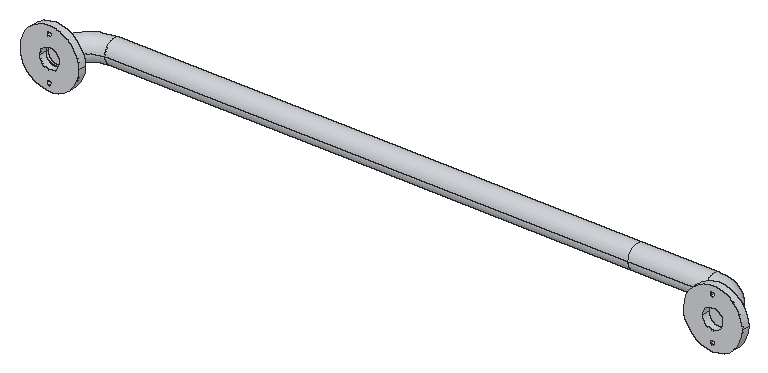
Revit family "AX8032X995_0002", category Appareils sanitaires, Revit 2016
Family settings
  Hôte = Mur
  Type d'élément = Normal
  Cote de connecteur circulaire = Utiliser le diamètre
  Numéro OmniClass = 23.75.00.00
  Titre OmniClass = Climate Control (HVAC)
  Toujours verticalement = Oui
  Couper avec des vides une fois chargée = Non
  Partagée = Non
  Point de calcul de pièce = Non
Parameters (values of type "Type 1")
  URL = "https://www.axeuro.com/fr/barres-droites/25492-barre-d-appui-ax8032x995.html"
  Modèle = "AX8032X995"  # constant formula
  Fabricant = "Axeuro"  # constant formula
  Description = "Barre de sécurité"  # constant formula
Reference planes
  plane 1 "Mur": y = 0
  plane 2 "Centre (gauche/droite)": x = 0
  plane 3 "Arrière": y = 75
Forms (mm)
  Extrusion 1, solid
    sketch origin (-267, 75, 0) x (-1, 0, 0) y (0, 0, -1)
      loop
        circle (190, -669.455) r 40.5
    from -10 to 0
  Sweep 2, solid
    path origin (308, -18.736, 669.511) x (1, 0, 0) y (0, 1, 0)
      loop
        line (-765, 103.736) -> (-765, 105.837)
        arc (-765, 105.837) -> (-752.142, 136.878) -> (-721.102, 149.735) r 43.898
        line (-721.102, 149.735) -> (0, 149.735) -> (105.102, 149.735)
        arc (105.102, 149.735) -> (136.142, 136.878) -> (149, 105.837) r 43.898
        line (149, 105.837) -> (149, 103.736)
    profile origin (-52.551, 131, 669.511) x (0, 1, 0) y (0, 0, 1)
      loop
        circle (0, 0) r 16
  Extrusion 3, void
    sketch origin (307, 0, 0) x (1, 0, 0) y (0, 0, 1)
      loop
        circle (150, 669.455) r 14
    from -88.969 to -75
  Extrusion 4, void
    sketch origin (-307, 0, 0) x (-1, 0, 0) y (0, 0, -1)
      loop
        circle (150, -669.455) r 14
    from -88.969 to -75
  Extrusion 5, void
    sketch origin (-663.122, 0, 1337.127) x (1, 0, 0) y (0, 0, 1)
      loop
        circle (206.122, -697.622) r 3
    from -79.397 to -75
  Extrusion 6, void
    sketch origin (-663.122, 0, 1.883) x (1, 0, 0) y (0, 0, 1)
      loop
        circle (206.122, 697.622) r 3
    from -79.397 to -75
  Extrusion 7, void
    sketch origin (663.122, 0, 1337.127) x (-1, 0, 0) y (0, 0, -1)
      loop
        circle (206.122, 697.622) r 3
    from -79.397 to -75
  Extrusion 8, void
    sketch origin (663.122, 0, 1.883) x (-1, 0, 0) y (0, 0, -1)
      loop
        circle (206.122, -697.622) r 3
    from -79.397 to -75
  Extrusion 9, solid
    sketch origin (267, 75, 0) x (1, 0, 0) y (0, 0, 1)
      loop
        circle (190, 669.455) r 40.5
    from -10 to 0
Cuts and joins
  Extrusion 4 cuts Sweep 2
  Extrusion 4, Extrusion 5, Extrusion 6, Extrusion 7, Extrusion 8 cuts Extrusion 1
  Extrusion 3, Extrusion 7, Extrusion 8 cuts Extrusion 9
Text (mm)
  text "Côté de la mise en place" at (-1820.995, 1116.779, 0), in view "Niveau de réf."
  text "Côté de la mise en place" at (0, 1334.055, 2976.191), in view "Gauche"
  text "Côté de la mise en place" at (0, 439.194, 2944.362), in view "Droite"
Dimensions and locks
  locked: plane 3 "Arrière" to host wall
  aligned and locked: plane 1 "Mur" to host wall
